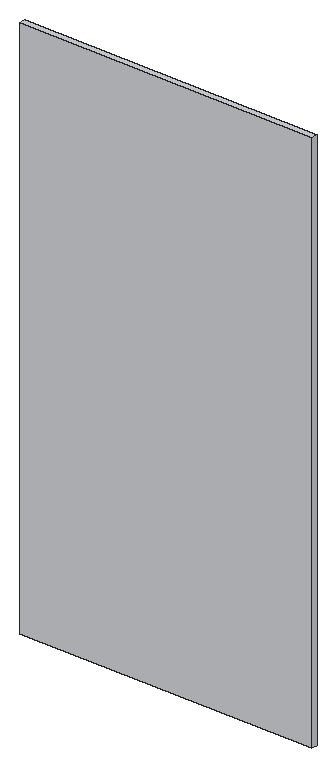
Revit family "Door_Stackingr", category Doors, host Wall, Revit 2022
Family settings
  Host = Wall
  OmniClass Number = 23.30.10.00
  OmniClass Title = Doors
  Always vertical = Yes
  Cut with Voids When Loaded = No
  Shared = No
  Room Calculation Point = No
Parameters
  Mat_Door = none
  Function = Interior
  Frame Projection Ext. = 25 mm
  Frame Projection Int. = 25 mm
  Frame Width = 75 mm
  Height = 3600 mm
  Wall Closure = By host
  Width = 1920 mm
  DoorThickness = 40 mm
  Define Thermal Properties by = Schematic Type
  Analytic Construction = "<None>"
Reference planes
  plane 1: y = 0
  plane 2 "Center (Left/Right)": x = 0
  plane 3 "Left": x = -960
  plane 4 "Right": x = 960
  plane 5: z = 3600
  plane 6 "Exterior": y = 75
  plane 7 "Interior": y = -75
  plane 8: x = -2880
  plane 9: y = 20
  plane 10: y = -20
  plane 11: y = 40
  plane 12: y = -40
Forms (mm)
  Extrusion 1, void
    sketch origin (0, 0, 0) x (1, 0, 0) y (0, 1, 0)
      loop
        line (-2880, 40) -> (-2880, -40) -> (-960, -40) -> (-960, 40) -> (-2880, 40)
    from 0 to 3600
  Extrusion 2, void
    sketch origin (1200, 0, 0) x (1, 0, 0) y (0, 1, 0)
      loop
        line (-2160, 75) -> (-2160, -75) -> (-240, -75) -> (-240, 75) -> (-2160, 75)
    from 0 to 3600
Text (mm)
  text "Exterior" at (-1376.75, 1099.543, 0), in view "Ref. Level"
  text "Exterior" at (0, 1615.38, 3698.081), in view "Left"
  text "Exterior" at (0, 1036.032, 3874.932), in view "Right"
Dimensions and locks
  equal spacing: plane 3 "Left", plane 2 "Center (Left/Right)", plane 4 "Right"
  "Width": plane 3 "Left" to plane 4 "Right"
  "Height": plane 5 to host wall
  host wall to plane 5 = 3600 mm  (x2)
  locked: plane 6 "Exterior" to host wall
  locked: plane 7 "Interior" to host wall
  "Width": plane 8 to plane 3 "Left"
  equal spacing: plane 9, plane 1, plane 10
  "DoorThickness": plane 9 to plane 10
  locked: plane 12 to plane 10 at 20
  locked: plane 11 to plane 9 at 20
  aligned and locked: plane 1 to host wall
  aligned and locked: host wall to nested 1
  aligned and locked: plane 2 "Center (Left/Right)" to nested 1
  aligned and locked: nested 1 to level
  aligned and locked: Extrusion 1 sketch curve to plane 8
  aligned and locked: Extrusion 1 to plane 5
  aligned and locked: Extrusion 1 to level
  aligned and locked: Extrusion 1 sketch curve to plane 3 "Left"
  aligned and locked: Extrusion 2 sketch curve to host wall
  aligned and locked: Extrusion 1 sketch curve to plane 11
  aligned and locked: Extrusion 1 sketch curve to plane 12
  aligned and locked: host wall to Extrusion 2 sketch curve
  aligned and locked: Extrusion 2 to plane 5
Automatic sketch dimensions
  Extrusion 2 sketch curve to plane 3 "Left" = 0 mm
  Extrusion 2 sketch curve to plane 4 "Right" = 0 mm
Nested families
  nested 1: "DoorPanel" at (0, 0, 0), type "DoorPanel"
    with DoorPanel_Width 1920 mm, DoorPanel_Height 3600 mm
Definition of nested family "DoorPanel"
  Parameters (values of type "DoorPanel")
    DoorPanel_Width = 1200 mm
    DoorPanel_Thickness = 40 mm
    DoorPanel_Height = 2100 mm
    DoorPanel = none
    Default Elevation = 0 mm
  Reference planes
    plane 1 "Center (Front/Back)": y = 0
    plane 2: z = 0
    plane 3 "Center (Left/Right)": x = 0
    plane 4: x = -600
    plane 5: x = 600
    plane 6: y = 20
    plane 7: y = -20
    plane 8: z = 2100
  Forms (mm)
    Extrusion 1, solid, material <- "DoorPanel"
      sketch origin (0, 0, 0) x (1, 0, 0) y (0, 1, 0)
        loop
          line (-600, 20) -> (-600, -20) -> (600, -20) -> (600, 20) -> (-600, 20)
      from 0 to 2100
  Dimensions and locks
    equal spacing: plane 4, plane 3 "Center (Left/Right)", plane 5
    equal spacing: plane 6, plane 1 "Center (Front/Back)", plane 7
    "DoorPanel_Width": plane 4 to plane 5
    "DoorPanel_Thickness": plane 6 to plane 7
    "DoorPanel_Height": plane 8 to plane 2
    aligned and locked: level to plane 2
    aligned and locked: Extrusion 1 sketch curve to plane 6
    aligned and locked: Extrusion 1 sketch curve to plane 7
    aligned and locked: Extrusion 1 sketch curve to plane 4
    aligned and locked: Extrusion 1 sketch curve to plane 5
    aligned and locked: plane 8 to Extrusion 1
    aligned and locked: Extrusion 1 to plane 2
